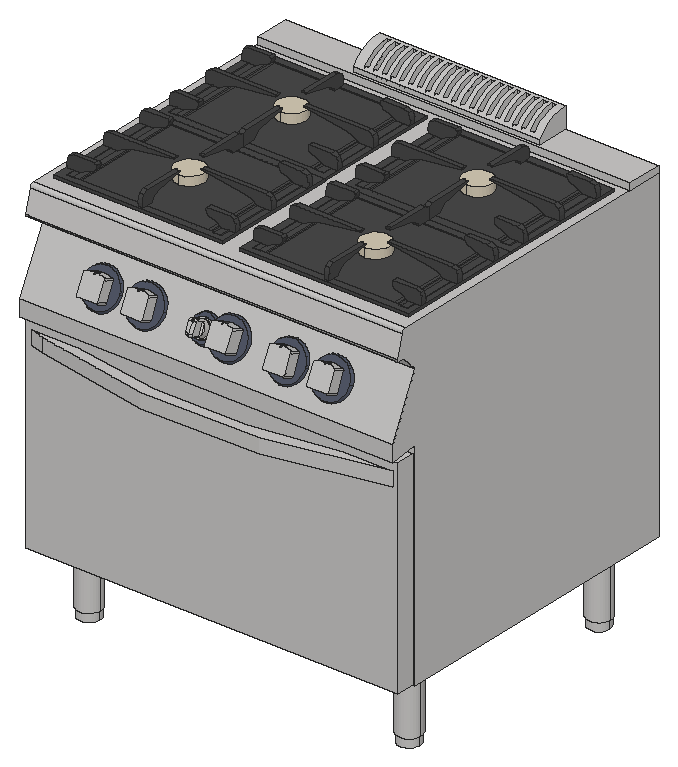
Revit family "QF_ZANUSSI_372002_Z7GCGH4CG0", category Specialty Equipment, Revit 2018
Family settings
  Round Connector Dimension = Use Diameter
  Part Type = Normal
  Work Plane-Based = No
  Always vertical = Yes
  Cut with Voids When Loaded = No
  Shared = No
  Room Calculation Point = No
Parameters
  Width = 800 mm  # constant formula
  Weight in Pounds = 176  # constant formula
  Weight = 0.00 kg
  Watts = 0 W
  Volts = 0 V
  URL Manufacturer = "http://www.zanussiprofessional.com"
  URL Cutsheet = "www.electrolux.com"
  URL = "http://www.zanussiprofessional.com"
  Type Mark [instance] = ""
  Steam Supply Size = 0"
  Steam Supply Minimum Pressure = 0.00 psi
  Steam Supply Maximum Pressure = 0.00 psi
  Steam Pounds per Hour = 0
  Status [instance] = ""
  Specification by User [instance] = ""
  Specification by Manufacturer = ""
  Show Logo [instance] = yes
  Show Clearance [instance] = yes
  Serial Number = ""
  Seismic Rating = ""
  SMACNA No = ""
  Revision Code [instance] = ""
  Refrigeration Suction Line Size = 0"
  Refrigeration Liquid Line Size = 0"
  Refrigerant Compressor Remote = yes
  Phase = 0
  Omniclass Number and Title = ""
  NAFEM Spec ID Number = ""
  Model = "Z7GCGH4CG0"
  Mechanical Remarks [instance] = ""
  Mechanical Connection Type [instance] = ""
  Masterspec = ""
  Manufacturer = "Zanussi"
  Length Actual = 800 mm  # constant formula
  Item Number [instance] = "372002"
  Installed By [instance] = ""
  Identify Quantity as Lot [instance] = yes
  Hot Water Size = 0"
  Height Actual = 850 mm  # constant formula
  Height = 908.9 mm  # constant formula
  HP = "0 HP"
  Gas Size = 12.7 mm  # 1/2"
  Gas RI Height [instance] = 0 mm
  Gas KW [instance] = 28  # constant formula
  Gas Input [instance] = 27974.2 VA  # 95452.0 Btu/h
  Gas Connection Height = 0 mm
  Furnished By [instance] = ""
  Foodservice Equipment Identifier [instance] = yes
  Direct Waste Size = 0"
  Description = "4-BURNER GAS RANGE+GAS OVEN 800 MM"
  Depth Actual = 700 mm  # constant formula
  Depth = 700 mm  # constant formula
  Cycle = 0 Hz
  Condensate Return Size = 0"
  Compressed Air Volume = 0 GPM
  Compressed Air Size = 0"
  Compressed Air Pressure = 0.00 psi
  Cold Water Size = 0"
  CSI MasterFormat = ""
  CSI Master Format = ""
  Assembly Code = ""
  Accessory = yes
Reference planes
  plane 1 "BACK": y = 0
  plane 2: z = 0
  plane 3 "LEFT": x = 0
  plane 4 "RIGHT": x = 800
  plane 5 "FRONT": y = -700
  plane 6 "TOP": z = 908.9
  plane 7 "Center Y": x = 400
  plane 8 "Center X": y = -350
  plane 9 "Base": z = 150
  plane 10: z = 850
  plane 11: y = -1109
  plane 12 "panel": through (-6096, -654.982, 762.214) normal (0, -0.8956, 0.4448)
  plane 13: x = 177.499
  plane 14: x = 177.499
  plane 15: y = -715
Forms (mm)
  Revolve 1, solid, material "QF_Finishes_Stainless Steel"
    sketch origin (1, -90, 0) x (1, 0, 0) y (0, 0, 1)
      loop
        line (55, 0) -> (55, 150) -> (29.6, 150) -> (29.6, 19.05) -> (32.1, 19.05) -> (32.1, 0) -> (55, 0)
      axis (55, 0) -> (55, 150)
    angle from 0 to 360
  Revolve 2, solid, material "QF_Finishes_Stainless Steel"
    sketch origin (1, -599.588, 0) x (1, 0, 0) y (0, 0, 1)
      loop
        line (55, 0) -> (55, 150) -> (29.6, 150) -> (29.6, 19.05) -> (32.1, 19.05) -> (32.1, 0) -> (55, 0)
      axis (55, 0) -> (55, 150)
    angle from 0 to 360
  Revolve 3, solid, material "QF_Finishes_Stainless Steel"
    sketch origin (799, -90, 0) x (-1, 0, 0) y (0, 0, -1)
      loop
        line (55, 0) -> (32.1, 0) -> (32.1, -19.05) -> (29.6, -19.05) -> (29.6, -150) -> (55, -150) -> (55, 0)
      axis (55, 0) -> (55, -150)
    angle from 0 to 360
  Revolve 4, solid, material "QF_Finishes_Stainless Steel"
    sketch origin (799, -599.588, 0) x (-1, 0, 0) y (0, 0, -1)
      loop
        line (55, 0) -> (32.1, 0) -> (32.1, -19.05) -> (29.6, -19.05) -> (29.6, -150) -> (55, -150) -> (55, 0)
      axis (55, 0) -> (55, -150)
    angle from 0 to 360
  Extrusion 5, solid, material "QF_Finishes_Stainless Steel"
    sketch origin (0, 0, 576.213) x (0, 1, 0) y (0, 0, 1)
      loop
        line (0, 273.788) -> (-679.358, 273.788)
        arc (-679.358, 273.788) -> (-684.643, 271.598) -> (-686.833, 266.313) r 7.474
        line (-686.833, 266.313) -> (-699.884, 220.798)
        arc (-699.884, 220.798) -> (-699.396, 218.166) -> (-697, 216.971) r 3
        line (-697, 216.971) -> (-686.802, 216.971) -> (-654.982, 185.152) -> (-715, 64.296) -> (-715, 29.296) -> (-658.645, 37.216)
        arc (-658.645, 37.216) -> (-656.101, 36.462) -> (-655, 34.047) r 3.2
        line (-655, 34.047) -> (-655, -426.212) -> (0, -426.212) -> (0, 273.788)
      loop
        line (-700, 23.788) -> (-700, -421.212) -> (-660, -421.212) -> (-660, 23.788) -> (-700, 23.788)
    from 0 to 800
  Extrusion 6, solid, material "QF_Finishes_Stainless Steel"
    sketch origin (0, 0, 576.213) x (0, 1, 0) y (0, 0, 1)
      loop
        line (0, 273.787) -> (0, 288.075) -> (-76.2, 288.075) -> (-76.2, 273.787) -> (0, 273.787)
    from 0 to 800
  Extrusion 7, solid, material "QF_Finishes_Stainless Steel"
    sketch origin (0, 0, 150) x (-1, 0, 0) y (0, -1, 0)
      loop
        circle (-747.612, 464) r 6.35
    from -8.815 to 7.722
  Extrusion 8, solid, material "QF_Finishes_Door Clearance", visible <- "Show Clearance", detail levels coarse
    sketch origin (0, 0, 0) x (0, 1, 0) y (0, 0, 1)
      loop
        arc (-700, 600) -> (-991.621, 457.58) -> (-1108.972, 155) r 445
        line (-1108.972, 155) -> (-700, 155) -> (-700, 600)
    from 0 to 800
  Extrusion 9, solid, material "QF_Finishes_Clearance", visible <- "Show Clearance", detail levels coarse
    sketch origin (0, 0, 0) x (1, 0, 0) y (0, 1, 0)
      loop
        line (-100, -715) -> (0, -715) -> (0, 0) -> (800, 0) -> (800, -715) -> (900, -715) -> (900, 100) -> (-100, 100) -> (-100, -715)
    from 0 to 908.85
  Extrusion 10, void
    sketch origin (-65.011, 0, 865.138) x (-1, 0, 0) y (0, -1, 0)
      loop
        line (-295.005, 6.761) -> (-285.709, 6.761) -> (-285.709, 63.911) -> (-295.005, 63.911) -> (-295.005, 6.761)
      loop
        line (-313.697, 6.761) -> (-304.401, 6.761) -> (-304.401, 63.911) -> (-313.697, 63.911) -> (-313.697, 6.761)
      loop
        line (-332.39, 6.761) -> (-323.094, 6.761) -> (-323.094, 63.911) -> (-332.39, 63.911) -> (-332.39, 6.761)
      loop
        line (-351.082, 6.761) -> (-341.787, 6.761) -> (-341.787, 63.911) -> (-351.082, 63.911) -> (-351.082, 6.761)
      loop
        line (-369.775, 6.761) -> (-360.479, 6.761) -> (-360.479, 63.911) -> (-369.775, 63.911) -> (-369.775, 6.761)
      loop
        line (-388.468, 6.761) -> (-379.172, 6.761) -> (-379.172, 63.911) -> (-388.468, 63.911) -> (-388.468, 6.761)
      loop
        line (-407.16, 6.761) -> (-397.864, 6.761) -> (-397.864, 63.911) -> (-407.16, 63.911) -> (-407.16, 6.761)
      loop
        line (-425.853, 6.761) -> (-416.557, 6.761) -> (-416.557, 63.911) -> (-425.853, 63.911) -> (-425.853, 6.761)
      loop
        line (-444.545, 6.761) -> (-435.25, 6.761) -> (-435.25, 63.911) -> (-444.545, 63.911) -> (-444.545, 6.761)
      loop
        line (-463.238, 6.761) -> (-453.942, 6.761) -> (-453.942, 63.911) -> (-463.238, 63.911) -> (-463.238, 6.761)
      loop
        line (-481.931, 6.761) -> (-472.635, 6.761) -> (-472.635, 63.911) -> (-481.931, 63.911) -> (-481.931, 6.761)
      loop
        line (-500.623, 6.761) -> (-491.328, 6.761) -> (-491.328, 63.911) -> (-500.623, 63.911) -> (-500.623, 6.761)
      loop
        line (-519.316, 6.761) -> (-510.02, 6.761) -> (-510.02, 63.911) -> (-519.316, 63.911) -> (-519.316, 6.761)
      loop
        line (-538.008, 6.761) -> (-528.713, 6.761) -> (-528.713, 63.911) -> (-538.008, 63.911) -> (-538.008, 6.761)
      loop
        line (-556.701, 6.761) -> (-547.405, 6.761) -> (-547.405, 63.911) -> (-556.701, 63.911) -> (-556.701, 6.761)
      loop
        line (-575.394, 6.761) -> (-566.098, 6.761) -> (-566.098, 63.911) -> (-575.394, 63.911) -> (-575.394, 6.761)
      loop
        line (-594.086, 6.761) -> (-584.791, 6.761) -> (-584.791, 63.911) -> (-594.086, 63.911) -> (-594.086, 6.761)
      loop
        line (-612.779, 6.761) -> (-603.483, 6.761) -> (-603.483, 63.911) -> (-612.779, 63.911) -> (-612.779, 6.761)
      loop
        line (-631.472, 6.761) -> (-622.176, 6.761) -> (-622.176, 63.911) -> (-631.472, 63.911) -> (-631.472, 6.761)
      loop
        line (-650.164, 6.761) -> (-640.868, 6.761) -> (-640.868, 63.911) -> (-650.164, 63.911) -> (-650.164, 6.761)
    from 9.525 to 45.348
  Extrusion 11, solid, material "QF_Finishes_Stainless Steel"
    sketch origin (-200, 0, 590.5) x (0, 1, 0) y (0, 0, 1)
      loop
        line (0, 273.788) -> (0, 318.4)
        arc (0, 318.4) -> (-39.28, 309.527) -> (-69.85, 283.312) r 83.566
        line (-69.85, 283.312) -> (-69.85, 273.788) -> (0, 273.788)
    from 400 to 800
  Blend 12, solid, material "QF_Finishes_Navy Blue"
    base sketch origin (152.5, -684.991, 701.786) x (1, 0, 0) y (0, 0.444781, 0.895639)
      loop
        circle (0, 0) r 42.5
    top sketch origin (152.5, -684.991, 701.786) x (1, 0, 0) y (0, 0.444781, 0.895639)
      loop
        circle (0, 0) r 40.5
    from 0 to 5
  Extrusion 13, solid, material "QF_Finishes_Stainless Steel"
    sketch origin (152.5, -684.991, 701.786) x (1, 0, 0) y (0, 0.444781, 0.895639)
      loop
        arc (-21.147, 22.789) -> (-22.494, 21.685) -> (-23, 20.019) r 2.997
        line (-23, 20.019) -> (-23, -20.019)
        arc (-23, -20.019) -> (-22.122, -22.138) -> (-20.003, -23.016) r 2.997
        line (-20.003, -23.016) -> (20.003, -23.016)
        arc (20.003, -23.016) -> (22.122, -22.138) -> (23, -20.019) r 2.997
        line (23, -20.019) -> (23, 20.019)
        arc (23, 20.019) -> (22.494, 21.685) -> (21.147, 22.789) r 2.997
        arc (21.147, 22.789) -> (0, 26.984) -> (-21.147, 22.789) r 55.4
    from 10 to 34
  Extrusion 14, solid, material "QF_Plastic-Black-Matte"
    sketch origin (210, -684.991, 701.786) x (0, 0.444781, 0.895639) y (0, -0.895639, 0.444781)
      loop
        line (26.984, 34) -> (26.984, 19) -> (27.984, 19) -> (27.984, 34)
        arc (27.984, 34) -> (27.691, 34.707) -> (26.984, 35) r 1
        line (26.984, 35) -> (23.984, 35) -> (23.984, 34) -> (26.984, 34)
    from -58.5 to -56.5
  Extrusion 15, solid, material "QF_Finishes_Stainless Steel"
    sketch origin (152.5, -684.991, 701.786) x (1, 0, 0) y (0, 0.444781, 0.895639)
      loop
        line (17.5, 17.5) -> (-17.5, 17.5) -> (-17.5, -17.5) -> (17.5, -17.5) -> (17.5, 17.5)
    from 5 to 10
  Extrusion 16, solid, material "QF_Plastic-Black-Matte"
    sketch origin (190, -684.991, 701.786) x (0, 0.444781, 0.895639) y (0, 0.895639, -0.444781)
      loop
        line (26.984, -34) -> (23.984, -34) -> (23.984, -35) -> (26.984, -35)
        arc (26.984, -35) -> (27.691, -34.707) -> (27.984, -34) r 1
        line (27.984, -34) -> (27.984, -19) -> (26.984, -19) -> (26.984, -34)
    from -58.5 to -56.5
  Extrusion 17, solid, material "QF_Finishes_Stainless Steel"
    sketch origin (247.5, -684.991, 701.786) x (-1, 0, 0) y (0, -0.444781, -0.895639)
      loop
        line (17.5, -17.5) -> (17.5, 17.5) -> (-17.5, 17.5) -> (-17.5, -17.5) -> (17.5, -17.5)
    from 5 to 10
  Blend 18, solid, material "QF_Finishes_Navy Blue"
    base sketch origin (247.5, -684.991, 701.786) x (1, 0, 0) y (0, 0.444781, 0.895639)
      loop
        circle (0, 0) r 42.5
    top sketch origin (247.5, -684.991, 701.786) x (1, 0, 0) y (0, 0.444781, 0.895639)
      loop
        circle (0, 0) r 40.5
    from 0 to 5
  Extrusion 19, solid, material "QF_Finishes_Stainless Steel"
    sketch origin (247.5, -684.991, 701.786) x (-1, 0, 0) y (0, -0.444781, -0.895639)
      loop
        arc (-21.147, -22.789) -> (0, -26.984) -> (21.147, -22.789) r 55.4
        arc (21.147, -22.789) -> (22.494, -21.685) -> (23, -20.019) r 2.997
        line (23, -20.019) -> (23, 20.019)
        arc (23, 20.019) -> (22.122, 22.138) -> (20.003, 23.016) r 2.997
        line (20.003, 23.016) -> (-20.003, 23.016)
        arc (-20.003, 23.016) -> (-22.122, 22.138) -> (-23, 20.019) r 2.997
        line (-23, 20.019) -> (-23, -20.019)
        arc (-23, -20.019) -> (-22.494, -21.685) -> (-21.147, -22.789) r 2.997
    from 10 to 34
  Blend 20, solid, material "QF_Finishes_Navy Blue"
    base sketch origin (427.5, -684.991, 701.786) x (1, 0, 0) y (0, 0.444781, 0.895639)
      loop
        arc (-35.05, -24.037) -> (42.5, 0) -> (-35.05, 24.037) r 42.5
        arc (-35.05, 24.037) -> (-83, 0) -> (-35.05, -24.037) r 30
    top sketch origin (427.5, -684.991, 701.786) x (1, 0, 0) y (0, 0.444781, 0.895639)
      loop
        arc (-34.578, -21.086) -> (40.5, 0) -> (-34.578, 21.086) r 40.5
        arc (-34.578, 21.086) -> (-81, 0) -> (-34.578, -21.086) r 28
    from 0 to 5
  Extrusion 21, solid, material "QF_Finishes_Stainless Steel"
    sketch origin (195, -684.991, 701.786) x (1, 0, 0) y (0, 0.444781, 0.895639)
      loop
        circle (177.499, -0.341) r 20
    from 5 to 10
  Revolve 22, solid, material "QF_Finishes_Stainless Steel"
    sketch origin (372.499, -684.991, 701.786) x (0, -0.444781, -0.895639) y (0, -0.895639, 0.444781)
      loop
        line (0.341, 10) -> (16.341, 10) -> (16.341, 37)
        arc (16.341, 37) -> (15.462, 39.121) -> (13.341, 40) r 3
        line (13.341, 40) -> (0.341, 40) -> (0.341, 10)
      axis (0.341, 10) -> (0.341, 40)
    angle from 0 to 360
  Extrusion 23, void
    sketch origin (427.5, -684.991, 701.786) x (1, 0, 0) y (0, -0.895639, 0.444781)
      loop
        line (-62.999, 24.837) -> (-62.999, 40) -> (-71.893, 40) -> (-71.893, 22) -> (-65.835, 22)
        arc (-65.835, 22) -> (-63.827, 22.828) -> (-62.999, 24.837) r 2.827
      loop
        arc (-47.003, 24.837) -> (-46.175, 22.828) -> (-44.167, 22) r 2.827
        line (-44.167, 22) -> (-38.109, 22) -> (-38.109, 40) -> (-47.003, 40) -> (-47.003, 24.837)
    from -20.019 to 20.019
  Extrusion 24, solid, material "QF_Finishes_Stainless Steel"
    sketch origin (195, -684.991, 701.786) x (1, 0, 0) y (0, 0.444781, 0.895639)
      loop
        arc (211.353, 22.789) -> (210.006, 21.685) -> (209.5, 20.019) r 2.997
        line (209.5, 20.019) -> (209.5, -20.019)
        arc (209.5, -20.019) -> (210.378, -22.138) -> (212.497, -23.016) r 2.997
        line (212.497, -23.016) -> (252.503, -23.016)
        arc (252.503, -23.016) -> (254.622, -22.138) -> (255.5, -20.019) r 2.997
        line (255.5, -20.019) -> (255.5, 20.019)
        arc (255.5, 20.019) -> (254.994, 21.685) -> (253.647, 22.789) r 2.997
        arc (253.647, 22.789) -> (232.5, 26.984) -> (211.353, 22.789) r 55.4
    from 5 to 34
  Blend 25, solid, material "QF_Finishes_Navy Blue"
    base sketch origin (552.5, -684.991, 701.786) x (1, 0, 0) y (0, 0.444781, 0.895639)
      loop
        circle (0, 0) r 42.5
    top sketch origin (552.5, -684.991, 701.786) x (1, 0, 0) y (0, 0.444781, 0.895639)
      loop
        circle (0, 0) r 40.5
    from 0 to 5
  Extrusion 26, solid, material "QF_Finishes_Stainless Steel"
    sketch origin (552.5, -684.991, 701.786) x (1, 0, 0) y (0, 0.444781, 0.895639)
      loop
        arc (-21.147, 22.789) -> (-22.494, 21.685) -> (-23, 20.019) r 2.997
        line (-23, 20.019) -> (-23, -20.019)
        arc (-23, -20.019) -> (-22.122, -22.138) -> (-20.003, -23.016) r 2.997
        line (-20.003, -23.016) -> (20.003, -23.016)
        arc (20.003, -23.016) -> (22.122, -22.138) -> (23, -20.019) r 2.997
        line (23, -20.019) -> (23, 20.019)
        arc (23, 20.019) -> (22.494, 21.685) -> (21.147, 22.789) r 2.997
        arc (21.147, 22.789) -> (0, 26.984) -> (-21.147, 22.789) r 55.4
    from 10 to 34
  Extrusion 27, solid, material "QF_Plastic-Black-Matte"
    sketch origin (610, -684.991, 701.786) x (0, 0.444781, 0.895639) y (0, -0.895639, 0.444781)
      loop
        line (26.984, 34) -> (26.984, 19) -> (27.984, 19) -> (27.984, 34)
        arc (27.984, 34) -> (27.691, 34.707) -> (26.984, 35) r 1
        line (26.984, 35) -> (23.984, 35) -> (23.984, 34) -> (26.984, 34)
    from -58.5 to -56.5
  Extrusion 28, solid, material "QF_Finishes_Stainless Steel"
    sketch origin (552.5, -684.991, 701.786) x (1, 0, 0) y (0, 0.444781, 0.895639)
      loop
        line (17.5, 17.5) -> (-17.5, 17.5) -> (-17.5, -17.5) -> (17.5, -17.5) -> (17.5, 17.5)
    from 5 to 10
  Extrusion 29, solid, material "QF_Plastic-Black-Matte"
    sketch origin (590, -684.991, 701.786) x (0, 0.444781, 0.895639) y (0, 0.895639, -0.444781)
      loop
        line (26.984, -34) -> (23.984, -34) -> (23.984, -35) -> (26.984, -35)
        arc (26.984, -35) -> (27.691, -34.707) -> (27.984, -34) r 1
        line (27.984, -34) -> (27.984, -19) -> (26.984, -19) -> (26.984, -34)
    from -58.5 to -56.5
  Extrusion 30, solid, material "QF_Finishes_Stainless Steel"
    sketch origin (647.5, -684.991, 701.786) x (-1, 0, 0) y (0, -0.444781, -0.895639)
      loop
        line (17.5, -17.5) -> (17.5, 17.5) -> (-17.5, 17.5) -> (-17.5, -17.5) -> (17.5, -17.5)
    from 5 to 10
  Blend 31, solid, material "QF_Finishes_Navy Blue"
    base sketch origin (647.5, -684.991, 701.786) x (1, 0, 0) y (0, 0.444781, 0.895639)
      loop
        circle (0, 0) r 42.5
    top sketch origin (647.5, -684.991, 701.786) x (1, 0, 0) y (0, 0.444781, 0.895639)
      loop
        circle (0, 0) r 40.5
    from 0 to 5
  Extrusion 32, solid, material "QF_Finishes_Stainless Steel"
    sketch origin (647.5, -684.991, 701.786) x (-1, 0, 0) y (0, -0.444781, -0.895639)
      loop
        arc (-21.147, -22.789) -> (0, -26.984) -> (21.147, -22.789) r 55.4
        arc (21.147, -22.789) -> (22.494, -21.685) -> (23, -20.019) r 2.997
        line (23, -20.019) -> (23, 20.019)
        arc (23, 20.019) -> (22.122, 22.138) -> (20.003, 23.016) r 2.997
        line (20.003, 23.016) -> (-20.003, 23.016)
        arc (-20.003, 23.016) -> (-22.122, 22.138) -> (-23, 20.019) r 2.997
        line (-23, 20.019) -> (-23, -20.019)
        arc (-23, -20.019) -> (-22.494, -21.685) -> (-21.147, -22.789) r 2.997
    from 10 to 34
  Extrusion 33, solid, material "QF_Finishes_Stainless Steel"
    sketch origin (0, 0, 150) x (-1, 0, 0) y (0, -1, 0)
      loop
        line (-790, 700) -> (-696.395, 700)
        arc (-696.395, 700) -> (-400, 735) -> (-103.605, 700) r 1272.5
        line (-103.605, 700) -> (-10, 700)
        arc (-10, 700) -> (-27.217, 705.295) -> (-44.506, 710.35) r 1297.5
        arc (-44.506, 710.35) -> (-418.013, 759.875) -> (-790, 700) r 1297.5
    from 400 to 430
  Extrusion 34, solid, material "QF_Plastic-Black-Matte"
    sketch origin (485, -684.991, 701.786) x (0, 0.444781, 0.895639) y (0, -0.895639, 0.444781)
      loop
        line (26.984, 34) -> (26.984, 19) -> (27.984, 19) -> (27.984, 34)
        arc (27.984, 34) -> (27.691, 34.707) -> (26.984, 35) r 1
        line (26.984, 35) -> (23.984, 35) -> (23.984, 34) -> (26.984, 34)
    from -58.5 to -56.5
  Extrusion 35, solid, material "QF_Plastic-Black-Matte"
    sketch origin (372.486, -684.749, 701.69) x (0, -0.444781, -0.895639) y (0, -0.895639, 0.444781)
      loop
        line (-10.258, 39.984) -> (-10.258, 40.984) -> (-12.874, 40.984)
        arc (-12.874, 40.984) -> (-15.536, 39.882) -> (-16.638, 37.22) r 3.764
        line (-16.638, 37.22) -> (-16.638, 25.027) -> (-15.638, 25.027) -> (-15.638, 37.22)
        arc (-15.638, 37.22) -> (-14.829, 39.175) -> (-12.874, 39.984) r 2.764
        line (-12.874, 39.984) -> (-10.258, 39.984)
    from 1 to -1
Cuts and joins
  Extrusion 10 cuts Extrusion 9
  Extrusion 10 cuts Extrusion 11
  Extrusion 23 cuts Revolve 22
Lines and regions (mm)
  Split face 1
    outline origin (152.5, -689.469, 704.01) x (1, 0, 0) y (0, 0.444781, 0.895639)
      loop
        circle (-33, 0) r 3
  Split face 2
    outline origin (253.401, -689.469, 704.01) x (1, 0, 0) y (0, 0.444781, 0.895639)
      loop
        line (-8.901, 38.561) -> (-8.901, 28.561) -> (-2.901, 28.561) -> (-2.901, 38.561) -> (-8.901, 38.561)
  Split face 3
    outline origin (253.401, -689.469, 704.01) x (1, 0, 0) y (0, 0.444781, 0.895639)
      loop
        line (-8.401, 38.061) -> (-8.401, 29.061) -> (-3.401, 29.061) -> (-3.401, 38.061) -> (-8.401, 38.061)
  Split face 4
    outline origin (253.401, -689.469, 704.01) x (1, 0, 0) y (0, 0.444781, 0.895639)
      loop
        line (-8.401, 33.561) -> (-3.401, 33.561)
  Split face 5
    outline origin (253.401, -689.469, 704.01) x (1, 0, 0) y (0, 0.444781, 0.895639)
      loop
        line (-8.401, 33.061) -> (-3.401, 33.061)
  Split face 6
    outline origin (158.401, -689.469, 704.01) x (1, 0, 0) y (0, 0.444781, 0.895639)
      loop
        line (-8.901, 38.561) -> (-8.901, 28.561) -> (-2.901, 28.561) -> (-2.901, 38.561) -> (-8.901, 38.561)
  Split face 7
    outline origin (158.401, -689.469, 704.01) x (1, 0, 0) y (0, 0.444781, 0.895639)
      loop
        line (-8.401, 38.061) -> (-8.401, 29.061) -> (-3.401, 29.061) -> (-3.401, 38.061) -> (-8.401, 38.061)
  Split face 8
    outline origin (158.401, -689.469, 704.01) x (1, 0, 0) y (0, 0.444781, 0.895639)
      loop
        line (-8.401, 34.061) -> (-3.401, 34.061)
  Split face 9
    outline origin (158.401, -689.469, 704.01) x (1, 0, 0) y (0, 0.444781, 0.895639)
      loop
        line (-8.401, 33.561) -> (-3.401, 33.561)
  Split face 10
    outline origin (178.157, -675.159, 732.825) x (-1, 0, 0) y (0, -0.444781, -0.895639)
      loop
        circle (43.456, 61.543) r 1.5
  Split face 11
    outline origin (158.401, -689.469, 704.01) x (1, 0, 0) y (0, 0.444781, 0.895639)
      loop
        circle (-5.901, 31.311) r 2.029
  Split face 12
    outline origin (253.401, -689.469, 704.01) x (1, 0, 0) y (0, 0.444781, 0.895639)
      loop
        circle (-5.901, 35.811) r 2.031
  Split face 13
    outline origin (152.5, -689.469, 704.01) x (1, 0, 0) y (0, 0.444781, 0.895639)
      loop
        circle (-24.487, 26.694) r 3.497
  Split face 14
    outline origin (247.5, -689.469, 704.01) x (1, 0, 0) y (0, 0.444781, 0.895639)
      loop
        circle (-24.487, 26.694) r 3.497
  Split face 15
    outline origin (247.5, -689.469, 704.01) x (1, 0, 0) y (0, 0.444781, 0.895639)
      loop
        circle (-33, 0) r 3
  Split face 16
    outline origin (247.5, -689.469, 704.01) x (1, 0, 0) y (0, 0.444781, 0.895639)
      loop
        circle (-17.8, -29.371) r 1.5
  Split face 17
    outline origin (427.5, -689.469, 704.01) x (1, 0, 0) y (0, 0.444781, 0.895639)
      loop
        circle (0, 33) r 1
  Split face 18
    outline origin (427.5, -689.469, 704.01) x (1, 0, 0) y (0, 0.444781, 0.895639)
      loop
        circle (-8.541, 31.876) r 1
  Split face 19
    outline origin (427.5, -689.469, 704.01) x (1, 0, 0) y (0, 0.444781, 0.895639)
      loop
        circle (-16.5, 28.579) r 1
  Split face 20
    outline origin (427.5, -689.469, 704.01) x (1, 0, 0) y (0, 0.444781, 0.895639)
      loop
        circle (-23.335, 23.335) r 1
  Split face 21
    outline origin (427.5, -689.469, 704.01) x (1, 0, 0) y (0, 0.444781, 0.895639)
      loop
        circle (-28.579, 16.5) r 1
  Split face 22
    outline origin (427.5, -689.469, 704.01) x (1, 0, 0) y (0, 0.444781, 0.895639)
      loop
        circle (-31.876, 8.541) r 1
  Split face 23
    outline origin (427.5, -689.469, 704.01) x (1, 0, 0) y (0, 0.444781, 0.895639)
      loop
        circle (-33, 0) r 1
  Split face 24
    outline origin (427.5, -689.469, 704.01) x (-1, 0, 0) y (0, 0.444781, 0.895639)
      loop
        circle (31.876, -8.541) r 1
  Split face 25
    outline origin (427.5, -689.469, 704.01) x (-1, 0, 0) y (0, 0.444781, 0.895639)
      loop
        circle (28.579, -16.5) r 1
  Split face 26
    outline origin (427.5, -689.469, 704.01) x (-1, 0, 0) y (0, 0.444781, 0.895639)
      loop
        circle (23.335, -23.335) r 1
  Split face 27
    outline origin (427.5, -689.469, 704.01) x (-1, 0, 0) y (0, 0.444781, 0.895639)
      loop
        circle (16.5, -28.579) r 1
  Split face 28
    outline origin (427.5, -689.469, 704.01) x (-1, 0, 0) y (0, 0.444781, 0.895639)
      loop
        circle (8.541, -31.876) r 1
  Split face 29
    outline origin (427.5, -689.469, 704.01) x (1, 0, 0) y (0, -0.444781, -0.895639)
      loop
        circle (33, 0) r 1
  Split face 30
    outline origin (427.5, -689.469, 704.01) x (1, 0, 0) y (0, -0.444781, -0.895639)
      loop
        circle (31.876, -8.541) r 1
  Split face 31
    outline origin (427.5, -689.469, 704.01) x (1, 0, 0) y (0, -0.444781, -0.895639)
      loop
        circle (28.579, -16.5) r 1
  Split face 32
    outline origin (427.5, -689.469, 704.01) x (1, 0, 0) y (0, -0.444781, -0.895639)
      loop
        circle (23.335, -23.335) r 1
  Split face 33
    outline origin (427.5, -689.469, 704.01) x (1, 0, 0) y (0, -0.444781, -0.895639)
      loop
        circle (16.5, -28.579) r 1
  Split face 34
    outline origin (427.5, -689.469, 704.01) x (1, 0, 0) y (0, -0.444781, -0.895639)
      loop
        circle (8.541, -31.876) r 1
  Split face 35
    outline origin (427.5, -689.469, 704.01) x (-1, 0, 0) y (0, -0.444781, -0.895639)
      loop
        circle (-8.541, 31.876) r 1
  Split face 36
    outline origin (427.5, -689.469, 704.01) x (-1, 0, 0) y (0, -0.444781, -0.895639)
      loop
        circle (-16.5, 28.579) r 1
  Split face 37
    outline origin (427.5, -689.469, 704.01) x (-1, 0, 0) y (0, -0.444781, -0.895639)
      loop
        circle (-23.335, 23.335) r 1
  Split face 38
    outline origin (427.5, -689.469, 704.01) x (-1, 0, 0) y (0, -0.444781, -0.895639)
      loop
        circle (-28.579, 16.5) r 1
  Split face 39
    outline origin (427.5, -689.469, 704.01) x (-1, 0, 0) y (0, -0.444781, -0.895639)
      loop
        circle (-31.876, 8.541) r 1
  Split face 40
    outline origin (427.5, -689.469, 704.01) x (1, 0, 0) y (0, 0.444781, 0.895639)
      loop
        circle (-55.001, 22) r 1.508
  Split face 41
    outline origin (427.5, -689.469, 704.01) x (1, 0, 0) y (0, 0.444781, 0.895639)
      loop
        circle (-77.001, 0) r 1.343
  Split face 42
    outline origin (427.5, -689.469, 704.01) x (1, 0, 0) y (0, 0.444781, 0.895639)
      loop
        line (-56.273, -20.786) -> (-56.273, -25.164) -> (-53.729, -25.164) -> (-53.729, -20.786) -> (-56.273, -20.786)
  Split face 43
    outline origin (552.5, -689.469, 704.01) x (1, 0, 0) y (0, 0.444781, 0.895639)
      loop
        circle (-33, 0) r 3
  Split face 44
    outline origin (653.401, -689.469, 704.01) x (1, 0, 0) y (0, 0.444781, 0.895639)
      loop
        line (-8.901, 38.561) -> (-8.901, 28.561) -> (-2.901, 28.561) -> (-2.901, 38.561) -> (-8.901, 38.561)
  Split face 45
    outline origin (653.401, -689.469, 704.01) x (1, 0, 0) y (0, 0.444781, 0.895639)
      loop
        line (-8.401, 38.061) -> (-8.401, 29.061) -> (-3.401, 29.061) -> (-3.401, 38.061) -> (-8.401, 38.061)
  Split face 46
    outline origin (653.401, -689.469, 704.01) x (1, 0, 0) y (0, 0.444781, 0.895639)
      loop
        line (-8.401, 33.561) -> (-3.401, 33.561)
  Split face 47
    outline origin (653.401, -689.469, 704.01) x (1, 0, 0) y (0, 0.444781, 0.895639)
      loop
        line (-8.401, 33.061) -> (-3.401, 33.061)
  Split face 48
    outline origin (558.401, -689.469, 704.01) x (1, 0, 0) y (0, 0.444781, 0.895639)
      loop
        line (-8.901, 38.561) -> (-8.901, 28.561) -> (-2.901, 28.561) -> (-2.901, 38.561) -> (-8.901, 38.561)
  Split face 49
    outline origin (558.401, -689.469, 704.01) x (1, 0, 0) y (0, 0.444781, 0.895639)
      loop
        line (-8.401, 38.061) -> (-8.401, 29.061) -> (-3.401, 29.061) -> (-3.401, 38.061) -> (-8.401, 38.061)
  Split face 50
    outline origin (558.401, -689.469, 704.01) x (1, 0, 0) y (0, 0.444781, 0.895639)
      loop
        line (-8.401, 34.061) -> (-3.401, 34.061)
  Split face 51
    outline origin (558.401, -689.469, 704.01) x (1, 0, 0) y (0, 0.444781, 0.895639)
      loop
        line (-8.401, 33.561) -> (-3.401, 33.561)
  Split face 52
    outline origin (578.157, -675.159, 732.825) x (-1, 0, 0) y (0, -0.444781, -0.895639)
      loop
        circle (43.456, 61.543) r 1.5
  Split face 53
    outline origin (558.401, -689.469, 704.01) x (1, 0, 0) y (0, 0.444781, 0.895639)
      loop
        circle (-5.901, 31.311) r 2.029
  Split face 54
    outline origin (653.401, -689.469, 704.01) x (1, 0, 0) y (0, 0.444781, 0.895639)
      loop
        circle (-5.901, 35.811) r 2.031
  Split face 55
    outline origin (552.5, -689.469, 704.01) x (1, 0, 0) y (0, 0.444781, 0.895639)
      loop
        circle (-24.487, 26.694) r 3.497
  Split face 56
    outline origin (647.5, -689.469, 704.01) x (1, 0, 0) y (0, 0.444781, 0.895639)
      loop
        circle (-24.487, 26.694) r 3.497
  Split face 57
    outline origin (647.5, -689.469, 704.01) x (1, 0, 0) y (0, 0.444781, 0.895639)
      loop
        circle (-33, 0) r 3
  Split face 58
    outline origin (647.5, -689.469, 704.01) x (1, 0, 0) y (0, 0.444781, 0.895639)
      loop
        circle (-17.8, -29.371) r 1.5
  symbolic lines, style "QF-Door Swings"
    curve 1: line (0, -715.129, 150) -> (0, -1109, 150)
    curve 2: line (0, -1109, 150) -> (800, -1109, 150)
    curve 3: line (800, -1109, 150) -> (800, -715.129, 150)
  symbolic lines
    curve 4: line (0, 0, 150) -> (0, -715.129, 150)
    curve 5: line (0, -69.85, 150) -> (800, -69.85, 150)
    curve 6: line (0, -76.2, 150) -> (800, -76.2, 150)
    curve 7: line (800, -715.129, 150) -> (800, 0, 150)
    curve 8: line (0, 0, 150) -> (800, 0, 150)
    curve 12: line (229.994, -6.761, 150) -> (229.994, -63.911, 150)
    curve 13: line (229.994, -63.911, 150) -> (220.698, -63.911, 150)
    curve 14: line (220.698, -63.911, 150) -> (220.698, -6.761, 150)
    curve 15: line (220.698, -6.761, 150) -> (229.994, -6.761, 150)
    curve 16: line (435.612, -6.761, 150) -> (435.612, -63.911, 150)
    curve 17: line (435.612, -63.911, 150) -> (426.317, -63.911, 150)
    curve 18: line (426.317, -63.911, 150) -> (426.317, -6.761, 150)
    curve 19: line (426.317, -6.761, 150) -> (435.612, -6.761, 150)
    curve 20: line (416.92, -6.761, 150) -> (416.92, -63.911, 150)
    curve 21: line (416.92, -63.911, 150) -> (407.624, -63.911, 150)
    curve 22: line (407.624, -63.911, 150) -> (407.624, -6.761, 150)
    curve 23: line (407.624, -6.761, 150) -> (416.92, -6.761, 150)
    curve 24: line (398.227, -6.761, 150) -> (398.227, -63.911, 150)
    curve 25: line (398.227, -63.911, 150) -> (388.931, -63.911, 150)
    curve 26: line (388.931, -63.911, 150) -> (388.931, -6.761, 150)
    curve 27: line (388.931, -6.761, 150) -> (398.227, -6.761, 150)
    curve 28: line (379.534, -6.761, 150) -> (379.534, -63.911, 150)
    curve 29: line (379.534, -63.911, 150) -> (370.239, -63.911, 150)
    curve 30: line (370.239, -63.911, 150) -> (370.239, -6.761, 150)
    curve 31: line (370.239, -6.761, 150) -> (379.534, -6.761, 150)
    curve 32: line (360.842, -6.761, 150) -> (360.842, -63.911, 150)
    curve 33: line (360.842, -63.911, 150) -> (351.546, -63.911, 150)
    curve 34: line (351.546, -63.911, 150) -> (351.546, -6.761, 150)
    curve 35: line (351.546, -6.761, 150) -> (360.842, -6.761, 150)
    curve 36: line (342.149, -6.761, 150) -> (342.149, -63.911, 150)
    curve 37: line (342.149, -63.911, 150) -> (332.854, -63.911, 150)
    curve 38: line (332.854, -63.911, 150) -> (332.854, -6.761, 150)
    curve 39: line (332.854, -6.761, 150) -> (342.149, -6.761, 150)
    curve 40: line (323.457, -6.761, 150) -> (323.457, -63.911, 150)
    curve 41: line (323.457, -63.911, 150) -> (314.161, -63.911, 150)
    curve 42: line (314.161, -63.911, 150) -> (314.161, -6.761, 150)
    curve 43: line (314.161, -6.761, 150) -> (323.457, -6.761, 150)
    curve 44: line (304.764, -6.761, 150) -> (304.764, -63.911, 150)
    curve 45: line (304.764, -63.911, 150) -> (295.468, -63.911, 150)
    curve 46: line (295.468, -63.911, 150) -> (295.468, -6.761, 150)
    curve 47: line (295.468, -6.761, 150) -> (304.764, -6.761, 150)
    curve 48: line (286.071, -6.761, 150) -> (286.071, -63.911, 150)
    curve 49: line (286.071, -63.911, 150) -> (276.776, -63.911, 150)
    curve 50: line (276.776, -63.911, 150) -> (276.776, -6.761, 150)
    curve 51: line (276.776, -6.761, 150) -> (286.071, -6.761, 150)
    curve 52: line (267.379, -6.761, 150) -> (267.379, -63.911, 150)
    curve 53: line (267.379, -63.911, 150) -> (258.083, -63.911, 150)
    curve 54: line (258.083, -63.911, 150) -> (258.083, -6.761, 150)
    curve 55: line (258.083, -6.761, 150) -> (267.379, -6.761, 150)
    curve 56: line (248.686, -6.761, 150) -> (248.686, -63.911, 150)
    curve 57: line (248.686, -63.911, 150) -> (239.39, -63.911, 150)
    curve 58: line (239.39, -63.911, 150) -> (239.39, -6.761, 150)
    curve 59: line (239.39, -6.761, 150) -> (248.686, -6.761, 150)
    curve 60: line (585.153, -6.761, 150) -> (585.153, -63.911, 150)
    curve 61: line (585.153, -63.911, 150) -> (575.857, -63.911, 150)
    curve 62: line (575.857, -63.911, 150) -> (575.857, -6.761, 150)
    curve 63: line (575.857, -6.761, 150) -> (585.153, -6.761, 150)
    curve 64: line (566.461, -6.761, 150) -> (566.461, -63.911, 150)
    curve 65: line (566.461, -63.911, 150) -> (557.165, -63.911, 150)
    curve 66: line (557.165, -63.911, 150) -> (557.165, -6.761, 150)
    curve 67: line (557.165, -6.761, 150) -> (566.461, -6.761, 150)
    curve 68: line (547.768, -6.761, 150) -> (547.768, -63.911, 150)
    curve 69: line (547.768, -63.911, 150) -> (538.472, -63.911, 150)
    curve 70: line (538.472, -63.911, 150) -> (538.472, -6.761, 150)
    curve 71: line (538.472, -6.761, 150) -> (547.768, -6.761, 150)
    curve 72: line (529.075, -6.761, 150) -> (529.075, -63.911, 150)
    curve 73: line (529.075, -63.911, 150) -> (519.78, -63.911, 150)
    curve 74: line (519.78, -63.911, 150) -> (519.78, -6.761, 150)
    curve 75: line (519.78, -6.761, 150) -> (529.075, -6.761, 150)
    curve 76: line (510.383, -6.761, 150) -> (510.383, -63.911, 150)
    curve 77: line (510.383, -63.911, 150) -> (501.087, -63.911, 150)
    curve 78: line (501.087, -63.911, 150) -> (501.087, -6.761, 150)
    curve 79: line (501.087, -6.761, 150) -> (510.383, -6.761, 150)
    curve 80: line (491.69, -6.761, 150) -> (491.69, -63.911, 150)
    curve 81: line (491.69, -63.911, 150) -> (482.394, -63.911, 150)
    curve 82: line (482.394, -63.911, 150) -> (482.394, -6.761, 150)
    curve 83: line (482.394, -6.761, 150) -> (491.69, -6.761, 150)
    curve 84: line (472.998, -6.761, 150) -> (472.998, -63.911, 150)
    curve 85: line (472.998, -63.911, 150) -> (463.702, -63.911, 150)
    curve 86: line (463.702, -63.911, 150) -> (463.702, -6.761, 150)
    curve 87: line (463.702, -6.761, 150) -> (472.998, -6.761, 150)
    curve 88: line (454.305, -6.761, 150) -> (454.305, -63.911, 150)
    curve 89: line (454.305, -63.911, 150) -> (445.009, -63.911, 150)
    curve 90: line (445.009, -63.911, 150) -> (445.009, -6.761, 150)
    curve 91: line (445.009, -6.761, 150) -> (454.305, -6.761, 150)
    curve 92: line (200, -69.85, 150) -> (200, 0, 150)
    curve 93: line (600, -69.85, 150) -> (600, 0, 150)
    curve 94: line (0, -700, 0) -> (800, -700, 0)
    curve 95: line (129.525, -700, 0) -> (129.525, -724.347, 0)
    curve 96: arc (129.525, -724.347, 0) -> (129.671, -724.811, 0) -> (130.057, -725.107, 0) r 0.809
    curve 97: arc (130.057, -725.107, 0) -> (131.245, -725.587, 0) -> (132.522, -725.68, 0) r 4.127
    curve 98: arc (129.525, -704.292, 0) -> (124.484, -702.458, 0) -> (119.716, -700, 0) r 42.24
    curve 99: arc (129.525, -706.539, 0) -> (130.027, -705.818, 0) -> (130.824, -705.448, 0) r 1.682
    curve 100: arc (130.824, -705.448, 0) -> (141.127, -703.95, 0) -> (151.525, -703.441, 0) r 109.079
    curve 101: line (151.525, -700, 0) -> (151.525, -705.671, 0)
    curve 102: line (151.525, -705.671, 0) -> (153.525, -705.671, 0)
    curve 103: line (153.525, -705.671, 0) -> (153.525, -700, 0)
    curve 104: line (175.525, -700, 0) -> (175.525, -724.347, 0)
    curve 105: arc (175.525, -724.347, 0) -> (175.379, -724.811, 0) -> (174.993, -725.107, 0) r 0.809
    curve 106: arc (174.993, -725.107, 0) -> (173.805, -725.587, 0) -> (172.528, -725.68, 0) r 4.127
    curve 107: arc (175.525, -704.292, 0) -> (180.566, -702.458, 0) -> (185.334, -700, 0) r 42.24
    curve 108: arc (175.525, -706.539, 0) -> (175.023, -705.818, 0) -> (174.226, -705.448, 0) r 1.682
    curve 109: arc (174.226, -705.448, 0) -> (163.923, -703.95, 0) -> (153.525, -703.441, 0) r 109.079
    curve 110: line (132.522, -725.68, 0) -> (172.528, -725.68, 0)
    curve 111: line (270.525, -700, 0) -> (270.525, -724.347, 0)
    curve 112: arc (270.525, -724.347, 0) -> (270.379, -724.811, 0) -> (269.993, -725.107, 0) r 0.809
    curve 113: arc (269.993, -725.107, 0) -> (268.805, -725.587, 0) -> (267.528, -725.68, 0) r 4.127
    curve 114: arc (270.525, -704.292, 0) -> (275.566, -702.458, 0) -> (280.334, -700, 0) r 42.24
    curve 115: arc (270.525, -706.539, 0) -> (270.023, -705.818, 0) -> (269.226, -705.448, 0) r 1.682
    curve 116: arc (269.226, -705.448, 0) -> (258.923, -703.95, 0) -> (248.525, -703.441, 0) r 109.079
    curve 117: line (248.525, -700, 0) -> (248.525, -705.671, 0)
    curve 118: line (248.525, -705.671, 0) -> (246.525, -705.671, 0)
    curve 119: line (246.525, -705.671, 0) -> (246.525, -700, 0)
    curve 120: line (224.525, -700, 0) -> (224.525, -724.347, 0)
    curve 121: arc (224.525, -724.347, 0) -> (224.671, -724.811, 0) -> (225.057, -725.107, 0) r 0.809
    curve 122: arc (225.057, -725.107, 0) -> (226.245, -725.587, 0) -> (227.522, -725.68, 0) r 4.127
    curve 123: arc (224.525, -704.292, 0) -> (219.484, -702.458, 0) -> (214.716, -700, 0) r 42.24
    curve 124: arc (224.525, -706.539, 0) -> (225.027, -705.818, 0) -> (225.824, -705.448, 0) r 1.682
    curve 125: arc (225.824, -705.448, 0) -> (236.127, -703.95, 0) -> (246.525, -703.441, 0) r 109.079
    curve 126: line (267.528, -725.68, 0) -> (227.522, -725.68, 0)
    curve 127: line (175.525, -715, 0) -> (224.525, -715, 0)
    curve 128: line (270.525, -715, 0) -> (364.582, -715, 0)
    curve 129: line (0, -715, 0) -> (129.525, -715, 0)
    curve 130: line (529.5, -700, 0) -> (529.5, -724.347, 0)
    curve 131: arc (529.5, -724.347, 0) -> (529.646, -724.811, 0) -> (530.032, -725.107, 0) r 0.809
    curve 132: arc (530.032, -725.107, 0) -> (531.22, -725.587, 0) -> (532.497, -725.68, 0) r 4.127
    curve 133: arc (529.5, -704.292, 0) -> (524.459, -702.458, 0) -> (519.691, -700, 0) r 42.24
    curve 134: arc (529.5, -706.539, 0) -> (530.002, -705.818, 0) -> (530.799, -705.448, 0) r 1.682
    curve 135: arc (530.799, -705.448, 0) -> (541.102, -703.95, 0) -> (551.5, -703.441, 0) r 109.079
    curve 136: line (551.5, -700, 0) -> (551.5, -705.671, 0)
    curve 137: line (551.5, -705.671, 0) -> (553.5, -705.671, 0)
    curve 138: line (553.5, -705.671, 0) -> (553.5, -700, 0)
    curve 139: line (575.5, -700, 0) -> (575.5, -724.347, 0)
    curve 140: arc (575.5, -724.347, 0) -> (575.354, -724.811, 0) -> (574.968, -725.107, 0) r 0.809
    curve 141: arc (574.968, -725.107, 0) -> (573.78, -725.587, 0) -> (572.503, -725.68, 0) r 4.127
    curve 142: arc (575.5, -704.292, 0) -> (580.541, -702.458, 0) -> (585.309, -700, 0) r 42.24
    curve 143: arc (575.5, -706.539, 0) -> (574.998, -705.818, 0) -> (574.201, -705.448, 0) r 1.682
    curve 144: arc (574.201, -705.448, 0) -> (563.898, -703.95, 0) -> (553.5, -703.441, 0) r 109.079
    curve 145: line (532.497, -725.68, 0) -> (572.503, -725.68, 0)
    curve 146: line (670.525, -700, 0) -> (670.525, -724.347, 0)
    curve 147: arc (670.525, -724.347, 0) -> (670.379, -724.811, 0) -> (669.993, -725.107, 0) r 0.809
    curve 148: arc (669.993, -725.107, 0) -> (668.805, -725.587, 0) -> (667.528, -725.68, 0) r 4.127
    curve 149: arc (670.525, -704.292, 0) -> (675.566, -702.458, 0) -> (680.334, -700, 0) r 42.24
    curve 150: arc (670.525, -706.539, 0) -> (670.023, -705.818, 0) -> (669.226, -705.448, 0) r 1.682
    curve 151: arc (669.226, -705.448, 0) -> (658.923, -703.95, 0) -> (648.525, -703.441, 0) r 109.079
    curve 152: line (648.525, -700, 0) -> (648.525, -705.671, 0)
    curve 153: line (648.525, -705.671, 0) -> (646.525, -705.671, 0)
    curve 154: line (646.525, -705.671, 0) -> (646.525, -700, 0)
    curve 155: line (624.525, -700, 0) -> (624.525, -724.347, 0)
    curve 156: arc (624.525, -724.347, 0) -> (624.671, -724.811, 0) -> (625.057, -725.107, 0) r 0.809
    curve 157: arc (625.057, -725.107, 0) -> (626.245, -725.587, 0) -> (627.522, -725.68, 0) r 4.127
    curve 158: arc (624.525, -704.292, 0) -> (619.484, -702.458, 0) -> (614.716, -700, 0) r 42.24
    curve 159: arc (624.525, -706.539, 0) -> (625.027, -705.818, 0) -> (625.824, -705.448, 0) r 1.682
    curve 160: arc (625.824, -705.448, 0) -> (636.127, -703.95, 0) -> (646.525, -703.441, 0) r 109.079
    curve 161: line (667.528, -725.68, 0) -> (627.522, -725.68, 0)
    curve 162: line (575.5, -715, 0) -> (624.525, -715, 0)
    curve 163: line (670.525, -715, 0) -> (800.05, -715, 0)
    curve 164: line (450.5, -700, 0) -> (450.5, -724.347, 0)
    curve 165: arc (450.5, -724.347, 0) -> (450.354, -724.811, 0) -> (449.968, -725.107, 0) r 0.809
    curve 166: arc (449.968, -725.107, 0) -> (448.78, -725.587, 0) -> (447.503, -725.68, 0) r 4.127
    curve 167: arc (450.5, -704.292, 0) -> (455.541, -702.458, 0) -> (460.309, -700, 0) r 42.24
    curve 168: arc (450.5, -706.539, 0) -> (449.998, -705.818, 0) -> (449.201, -705.448, 0) r 1.682
    curve 169: arc (449.201, -705.448, 0) -> (438.898, -703.95, 0) -> (428.5, -703.441, 0) r 109.079
    curve 170: line (428.5, -700, 0) -> (428.5, -705.671, 0)
    curve 171: line (428.5, -705.671, 0) -> (426.5, -705.671, 0)
    curve 172: line (426.5, -705.671, 0) -> (426.5, -700, 0)
    curve 173: line (404.5, -700, 0) -> (404.5, -724.347, 0)
    curve 174: arc (404.5, -724.347, 0) -> (404.646, -724.811, 0) -> (405.032, -725.107, 0) r 0.809
    curve 175: arc (405.032, -725.107, 0) -> (406.22, -725.587, 0) -> (407.497, -725.68, 0) r 4.127
    curve 176: arc (404.5, -704.292, 0) -> (399.459, -702.458, 0) -> (394.691, -700, 0) r 42.24
    curve 177: arc (404.5, -706.539, 0) -> (405.002, -705.818, 0) -> (405.799, -705.448, 0) r 1.682
    curve 178: arc (405.799, -705.448, 0) -> (416.102, -703.95, 0) -> (426.5, -703.441, 0) r 109.079
    curve 179: line (447.503, -725.68, 0) -> (407.497, -725.68, 0)
    curve 180: line (380.497, -715, 0) -> (404.5, -715, 0)
    curve 181: line (450.5, -715, 0) -> (529.5, -715, 0)
    curve 182: arc (61.252, -714.871, 150) -> (399.753, -759.871, 150) -> (738.27, -715, 150) r 1297.5
    curve 183: arc (624.001, -715, 150) -> (599.81, -719.086, 150) -> (575.545, -722.704, 150) r 1272.5
    curve 184: arc (552.665, -725.68, 150) -> (400, -734.871, 150) -> (247.335, -725.68, 150) r 1272.5
    curve 185: arc (224.459, -722.705, 150) -> (200.192, -719.086, 150) -> (175.999, -715, 150) r 1272.5
    curve 186: line (364.501, -725.977, 908.9) -> (364.501, -701.224, 908.9)
    curve 187: line (380.497, -701.224, 908.9) -> (380.497, -725.977, 908.9)
    curve 188: spline (361.865, -710.164, 908.9) -> (360.376, -709.491, 908.9) -> (359.101, -708.737, 908.9) -> (358.061, -707.914, 908.9) -> (357.275, -707.037, 908.9) -> (356.758, -706.121, 908.9) -> (356.517, -705.183, 908.9) -> (356.557, -704.239, 908.9) -> (356.878, -703.306, 908.9) -> (357.474, -702.4, 908.9) -> (358.334, -701.537, 908.9) -> (359.444, -700.732, 908.9) -> (360.783, -700, 908.9)
    curve 189: spline (384.214, -700, 908.9) -> (385.557, -700.735, 908.9) -> (386.67, -701.543, 908.9) -> (387.532, -702.41, 908.9) -> (388.127, -703.319, 908.9) -> (388.446, -704.256, 908.9) -> (388.482, -705.204, 908.9) -> (388.234, -706.145, 908.9) -> (387.709, -707.063, 908.9) -> (386.913, -707.942, 908.9) -> (385.863, -708.766, 908.9) -> (384.575, -709.521, 908.9) -> (383.074, -710.193, 908.9)
    curve 190: spline (383.074, -710.193, 908.9) -> (382.794, -710.322, 908.9) -> (382.513, -710.487, 908.9) -> (382.235, -710.686, 908.9) -> (381.965, -710.917, 908.9) -> (381.706, -711.177, 908.9) -> (381.463, -711.461, 908.9) -> (381.238, -711.765, 908.9) -> (381.035, -712.085, 908.9) -> (380.857, -712.416, 908.9) -> (380.707, -712.754, 908.9) -> (380.586, -713.094, 908.9) -> (380.497, -713.43, 908.9)
    curve 191: spline (364.501, -713.341, 908.9) -> (364.429, -712.987, 908.9) -> (364.321, -712.634, 908.9) -> (364.18, -712.286, 908.9) -> (364.007, -711.949, 908.9) -> (363.806, -711.628, 908.9) -> (363.577, -711.327, 908.9) -> (363.327, -711.051, 908.9) -> (363.056, -710.803, 908.9) -> (362.771, -710.588, 908.9) -> (362.474, -710.408, 908.9) -> (362.171, -710.266, 908.9) -> (361.865, -710.164, 908.9)
    curve 192: line (356.499, -704.847, 908.9) -> (356.499, -700, 908.9)
    curve 193: line (388.501, -704.85, 908.9) -> (388.501, -700, 908.9)
    curve 194: arc (364.501, -725.977, 908.9) -> (372.499, -727.063, 908.9) -> (380.497, -725.977, 908.9) r 30
  symbolic lines, style "QF-Clearances", visible <- "Show Clearance", detail levels coarse
    curve 9: line (-100, -715.129, 150) -> (-100, 100, 150)
    curve 10: line (-100, 100, 150) -> (900, 100, 150)
    curve 11: line (900, 100, 150) -> (900, -715.129, 150)
Dimensions and locks
  equal spacing: plane 3 "LEFT", plane 7 "Center Y", plane 4 "RIGHT"
  "Width": plane 3 "LEFT" to plane 4 "RIGHT"
  equal spacing: plane 5 "FRONT", plane 8 "Center X", plane 1 "BACK"
  "Depth": plane 5 "FRONT" to plane 1 "BACK"
  "Height": plane 6 "TOP" to level
  plane 9 "Base" to level = 150 mm
  plane 6 "TOP" to plane 10 = 58.9 mm  (x2)
  plane 1 "BACK" to plane 11 = 1109 mm
  aligned and locked: level to plane 2
Automatic sketch dimensions
  curve 128 to plane 15 = 0 mm
  curve 180 to plane 15 = 0 mm
  curve 128 to plane 13 = 93.026 mm
  curve 128 to plane 7 "Center Y" = 35.418 mm
  curve 128 to curve 180 = 15.914 mm
  plane 7 "Center Y" to curve 180 = 4.5 mm
  Revolve 1 sketch curve to plane 9 "Base" = 0 mm  (x2)
  Revolve 1 sketch curve to level = 0 mm
  plane 3 "LEFT" to Revolve 1 sketch curve = 30.6 mm
  Revolve 1 sketch curve to Revolve 1 sketch curve = 2.5 mm
  Revolve 1 sketch curve to Revolve 1 sketch curve = 25.4 mm
  level to Revolve 1 sketch curve = 19.05 mm
  Revolve 1 sketch curve to Revolve 1 sketch curve = 0 mm
  plane 9 "Base" to Revolve 1 sketch curve = 20 mm
  Revolve 2 sketch curve to plane 9 "Base" = 0 mm  (x2)
  Revolve 2 sketch curve to level = 0 mm
  plane 3 "LEFT" to Revolve 2 sketch curve = 30.6 mm
  Revolve 2 sketch curve to Revolve 2 sketch curve = 2.5 mm
  Revolve 2 sketch curve to Revolve 2 sketch curve = 25.4 mm
  level to Revolve 2 sketch curve = 19.05 mm
  Revolve 2 sketch curve to Revolve 2 sketch curve = 0 mm
  plane 9 "Base" to Revolve 2 sketch curve = 20 mm
  Revolve 3 sketch curve to plane 9 "Base" = 0 mm  (x2)
  Revolve 3 sketch curve to level = 0 mm
  Revolve 3 sketch curve to plane 4 "RIGHT" = 30.6 mm
  Revolve 3 sketch curve to Revolve 3 sketch curve = 2.5 mm
  Revolve 3 sketch curve to Revolve 3 sketch curve = 25.4 mm
  level to Revolve 3 sketch curve = 19.05 mm
  Revolve 3 sketch curve to Revolve 3 sketch curve = 0 mm
  plane 9 "Base" to Revolve 3 sketch curve = 20 mm
  Revolve 4 sketch curve to plane 9 "Base" = 0 mm  (x2)
  Revolve 4 sketch curve to level = 0 mm
  Revolve 4 sketch curve to plane 4 "RIGHT" = 30.6 mm
  Revolve 4 sketch curve to Revolve 4 sketch curve = 2.5 mm
  Revolve 4 sketch curve to Revolve 4 sketch curve = 25.4 mm
  level to Revolve 4 sketch curve = 19.05 mm
  Revolve 4 sketch curve to Revolve 4 sketch curve = 0 mm
  plane 9 "Base" to Revolve 4 sketch curve = 20 mm
  Extrusion 5 sketch curve to plane 15 = 0 mm
  Extrusion 5 sketch curve to plane 5 "FRONT" = 0 mm
  Extrusion 5 sketch curve to plane 10 = 0 mm
  Extrusion 5 sketch curve to plane 9 "Base" = 0 mm
  Extrusion 5 sketch curve to plane 1 "BACK" = 0 mm
  Extrusion 5 sketch curve to plane 5 "FRONT" = 0.116 mm
  Extrusion 5 sketch curve to Extrusion 5 sketch curve = 2.884 mm
  Extrusion 5 sketch curve to plane 5 "FRONT" = 13.167 mm
  Extrusion 5 sketch curve to Extrusion 5 sketch curve = 10.198 mm
  Extrusion 5 sketch curve to Extrusion 5 sketch curve = 7.474 mm
  plane 9 "Base" to Extrusion 5 sketch curve = 5 mm
  Extrusion 5 sketch curve to plane 5 "FRONT" = 40 mm
  Extrusion 5 sketch curve to Extrusion 5 sketch curve = 1.355 mm
  Extrusion 5 sketch curve to Extrusion 5 sketch curve = 0.445 mm
  Extrusion 5 sketch curve to Extrusion 5 sketch curve = 5 mm
  Extrusion 5 sketch curve to Extrusion 5 sketch curve = 31.82 mm  (x2)
  Extrusion 5 sketch curve to Extrusion 5 sketch curve = 242.526 mm
  Extrusion 5 sketch curve to Extrusion 5 sketch curve = 5.508 mm
  Extrusion 5 sketch curve to Extrusion 5 sketch curve = 10.259 mm
  Extrusion 5 sketch curve to Extrusion 5 sketch curve = 35 mm
  Extrusion 5 sketch curve to Extrusion 5 sketch curve = 81.162 mm
  Extrusion 5 sketch curve to Extrusion 5 sketch curve = 3 mm
  Extrusion 6 sketch curve to plane 10 = 0 mm
  Extrusion 6 sketch curve to plane 1 "BACK" = 0 mm
  plane 10 to Extrusion 6 sketch curve = 14.288 mm
  plane 1 "BACK" to Extrusion 6 sketch curve = 76.2 mm
  Extrusion 7 sketch curve to plane 4 "RIGHT" = 52.388 mm
  Extrusion 7 sketch curve to plane 8 "Center X" = 114 mm
  Extrusion 8 sketch curve to plane 5 "FRONT" = 0 mm
  Extrusion 8 sketch curve to plane 11 = 0.028 mm
  plane 9 "Base" to Extrusion 8 sketch curve = 6.461 mm
  Extrusion 8 sketch curve to plane 5 "FRONT" = 36.025 mm
  plane 9 "Base" to Extrusion 8 sketch curve = 5 mm
  curve 3 to plane 4 "RIGHT" = 0 mm
  plane 1 "BACK" to curve 93 = 0 mm
  curve 1 to plane 3 "LEFT" = 0 mm
  plane 11 to curve 1 = 0 mm
  plane 4 "RIGHT" to curve 11 = 100 mm
  plane 1 "BACK" to curve 60 = 63.911 mm
  plane 7 "Center Y" to curve 60 = 185.153 mm
  curve 60 to curve 61 = 9.296 mm
  curve 62 to curve 64 = 9.397 mm
  curve 64 to curve 66 = 9.296 mm
  curve 66 to curve 68 = 9.397 mm
  curve 68 to curve 70 = 9.296 mm
  curve 69 to curve 73 = 9.397 mm
  curve 72 to curve 75 = 9.296 mm
  curve 73 to curve 77 = 9.397 mm
  curve 76 to curve 78 = 9.296 mm
  curve 77 to curve 81 = 9.397 mm
  curve 80 to curve 82 = 9.296 mm
  curve 81 to curve 84 = 9.397 mm
  curve 84 to curve 86 = 9.296 mm
  curve 86 to curve 88 = 9.397 mm
  curve 88 to curve 89 = 9.296 mm
  curve 90 to curve 19 = 9.397 mm
  curve 16 to curve 18 = 9.296 mm
  curve 18 to curve 20 = 9.397 mm
  plane 7 "Center Y" to curve 21 = 7.624 mm
  curve 24 to plane 7 "Center Y" = 1.773 mm
  curve 24 to curve 26 = 9.296 mm
  curve 26 to curve 28 = 9.397 mm
  curve 28 to curve 29 = 9.296 mm
  curve 29 to curve 32 = 9.397 mm
  curve 32 to curve 34 = 9.296 mm
  curve 34 to curve 36 = 9.397 mm
  curve 36 to curve 37 = 9.296 mm
  curve 37 to curve 40 = 9.397 mm
  curve 40 to curve 42 = 9.296 mm
  curve 41 to curve 44 = 9.397 mm
  curve 44 to curve 45 = 9.296 mm
  curve 45 to curve 48 = 9.397 mm
  curve 48 to curve 50 = 9.296 mm
  curve 50 to curve 52 = 9.397 mm
  curve 52 to curve 54 = 9.296 mm
  curve 53 to curve 57 = 9.397 mm
  curve 56 to curve 58 = 9.296 mm
  curve 58 to curve 15 = 9.397 mm
  curve 12 to curve 14 = 9.296 mm
  curve 9 to plane 3 "LEFT" = 100 mm
  curve 11 to plane 1 "BACK" = 100 mm
  plane 1 "BACK" to curve 86 = 6.761 mm
  plane 1 "BACK" to curve 83 = 6.761 mm
  plane 1 "BACK" to curve 88 = 6.761 mm
  plane 1 "BACK" to curve 12 = 6.761 mm
  plane 1 "BACK" to curve 79 = 6.761 mm
  plane 1 "BACK" to curve 16 = 6.761 mm
  plane 1 "BACK" to curve 75 = 6.761 mm
  plane 1 "BACK" to curve 20 = 6.761 mm
  plane 1 "BACK" to curve 71 = 6.761 mm
  plane 1 "BACK" to curve 24 = 6.761 mm
  plane 1 "BACK" to curve 67 = 6.761 mm
  plane 1 "BACK" to curve 28 = 6.761 mm
  plane 1 "BACK" to curve 63 = 6.761 mm
  plane 1 "BACK" to curve 32 = 6.761 mm
  plane 1 "BACK" to curve 59 = 6.761 mm
  plane 1 "BACK" to curve 36 = 6.761 mm
  plane 1 "BACK" to curve 55 = 6.761 mm
  plane 1 "BACK" to curve 40 = 6.761 mm
  plane 1 "BACK" to curve 51 = 6.761 mm
  plane 1 "BACK" to curve 44 = 6.761 mm
  curve 46 to curve 46 = 57.15 mm
  curve 44 to curve 42 = 0 mm
  curve 48 to curve 45 = 0 mm
  curve 40 to curve 38 = 0 mm
  curve 52 to curve 49 = 0 mm
  curve 36 to curve 34 = 0 mm
  curve 56 to curve 53 = 0 mm
  curve 32 to curve 30 = 0 mm
  curve 28 to curve 26 = 0 mm
  curve 64 to curve 61 = 0 mm
  curve 24 to curve 22 = 0 mm
  curve 68 to curve 65 = 0 mm
  curve 20 to curve 18 = 0 mm
  curve 72 to curve 69 = 0 mm
  curve 14 to curve 57 = 0 mm
  curve 76 to curve 73 = 0 mm
  curve 16 to curve 90 = 0 mm
  curve 80 to curve 77 = 0 mm
  curve 88 to curve 86 = 0 mm
  curve 4 to plane 15 = 0.129 mm
  curve 7 to plane 15 = 0.129 mm
  curve 93 to curve 60 = 14.847 mm
  curve 13 to curve 92 = 20.698 mm
  curve 7 to curve 5 = 69.85 mm
  curve 5 to curve 6 = 6.35 mm
  curve 9 to plane 15 = 0.129 mm
  curve 11 to plane 15 = 0.129 mm
  Extrusion 9 sketch curve to plane 15 = 0 mm  (x2)
  Extrusion 9 sketch curve to plane 3 "LEFT" = 0 mm
  plane 1 "BACK" to Extrusion 9 sketch curve = 0 mm
  Extrusion 9 sketch curve to plane 4 "RIGHT" = 0 mm
  Extrusion 9 sketch curve to plane 3 "LEFT" = 100 mm
  plane 4 "RIGHT" to Extrusion 9 sketch curve = 100 mm
  Extrusion 9 sketch curve to plane 1 "BACK" = 100 mm
  plane 1 "BACK" to Extrusion 10 sketch curve = 63.911 mm  (x2)
  plane 7 "Center Y" to Extrusion 10 sketch curve = 185.153 mm
  Extrusion 10 sketch curve to Extrusion 10 sketch curve = 9.296 mm  (x19)
  Extrusion 10 sketch curve to Extrusion 10 sketch curve = 9.397 mm  (x18)
  plane 7 "Center Y" to Extrusion 10 sketch curve = 7.624 mm
  Extrusion 10 sketch curve to plane 7 "Center Y" = 1.773 mm
  Extrusion 10 sketch curve to Extrusion 10 sketch curve = 0 mm  (x18)
  plane 1 "BACK" to Extrusion 10 sketch curve = 6.761 mm  (x20)
  Extrusion 11 sketch curve to plane 1 "BACK" = 0 mm
  Extrusion 11 sketch curve to plane 6 "TOP" = 0 mm
  plane 1 "BACK" to Extrusion 11 sketch curve = 1.769 mm
  plane 10 to Extrusion 11 sketch curve = 23.812 mm
  plane 1 "BACK" to Extrusion 11 sketch curve = 69.85 mm
  plane 10 to Extrusion 11 sketch curve = 14.288 mm
  plane 13 to Blend 12 sketch curve = 24.999 mm  (x2)
  plane 13 to Extrusion 13 sketch curve = 47.999 mm
  Extrusion 13 sketch curve to Extrusion 13 sketch curve = 2.997 mm  (x2)
  Extrusion 13 sketch curve to Extrusion 13 sketch curve = 20.003 mm
  plane 13 to Extrusion 13 sketch curve = 4.996 mm  (x2)
  plane 13 to Extrusion 13 sketch curve = 1.999 mm
  Extrusion 13 sketch curve to Extrusion 13 sketch curve = 5.399 mm
  Extrusion 13 sketch curve to Extrusion 13 sketch curve = 40.037 mm
  Extrusion 13 sketch curve to Extrusion 13 sketch curve = 0 mm  (x2)
  plane 12 "panel" to Extrusion 14 sketch curve = 35 mm
  plane 5 "FRONT" to Extrusion 14 sketch curve = 5.671 mm
  Extrusion 14 sketch curve to Extrusion 14 sketch curve = 3 mm
  Extrusion 14 sketch curve to Extrusion 14 sketch curve = 0 mm  (x2)
  Extrusion 14 sketch curve to Extrusion 14 sketch curve = 1 mm
  Extrusion 14 sketch curve to Extrusion 14 sketch curve = 15 mm
  plane 13 to Extrusion 15 sketch curve = 42.499 mm
